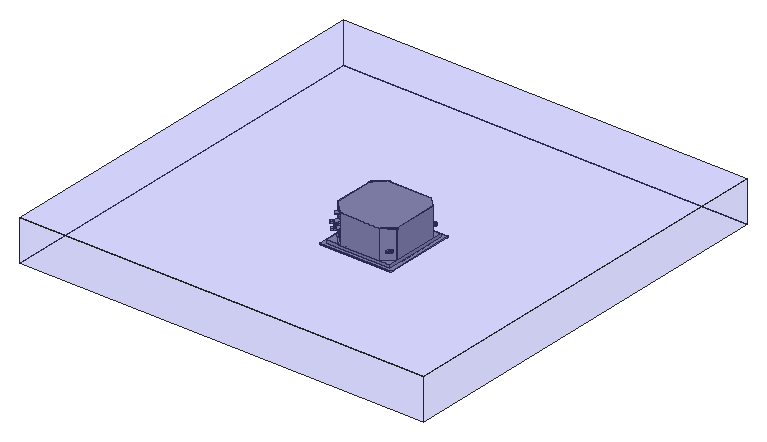
Revit family "SYSIMPLE FCC45A", category Оборудование, Revit 2019
Family settings
  Размер круглого соединителя = Использовать диаметр
  Тип детали = Нормальный
  На основе рабочей плоскости = Нет
  Всегда вертикально = Да
  При загрузке вырезать с полостями = Нет
  Общий = Нет
  Точка расчета площади = Нет
Parameters
  panel dimension(W) = "650x650x55"
  Water Flow Volume(m³/h) = "0.94"
  Top clearance(mm) = 50 mm
  Service Area [instance] = yes
  Right Side clearance(ODU side mm) [instance] = "/"
  Right Side clearance(wall side mm) [instance] = 1500 mm
  Refrigerant type = "/"
  Refrigerant Charged Volume(kg) = "/"
  Rear clearance(mm) = 1500 mm
  Protection grade = "/"
  Product series = "Cassette FCU"
  Power = "220-240V,50,1"
  Operation range cooling (°C） = "/"
  Operation range Heatling (°C） = "/"
  fan type = "AC"
  ODU fan ESP = "/"
  Noise Level(dB) = "≤45"
  NET Weight（body/panel） = "18/3"
  Model = "AFC-500CA/4BA"
  Max.Power input = "/"
  Max.Current input = "/"
  Manufacturer URL = "/"
  Manufacturer = "AUX"
  Left Side clearance(ODU side mm) = "/"
  Left Side clearance(wall side mm) [instance] = 1500 mm
  Installation hole spacing（W) = "/"
  Installation hole spacing（L) = "510.4*514.6*530.5*463"
  Heating power input = "/"
  Heating current = "/"
  Heating capacity = "6750/5940/5200"
  Gross Weight（body/panel） = "21/5"
  Front clearance(mm) = 1500 mm
  Fan motor quantity = "/"
  EER = "/"
  Inlet/Outlet /Drain  Water Pipe = "DN20"
  Design company = "/"
  Design Pressure(Mpa） = "1.6"
  Current of Circuit breaker = "/"
  Cooling current = "/"
  Cooling capacity = "4500/3600/3060"
  Cooling Power input = "/"
  Compressor type = "/"
  Compressor quantity = "/"
  Chassis height（mm) = "/"
  Capacity = "/"
  COP = "/"
  Body dimension(W) = "570×570×260"
  Air guide size(mm) = "/"
  Air flow(m³/h) = "850/730/600"
Reference planes
  plane 1 "中心(前/后)": y = 0
  plane 2: z = 0
  plane 3 "中心(左/右)": x = 0
  plane 4: z = 311.5
  plane 5: z = 261.5
  plane 6: z = -60
Forms (mm)
  Extrusion 1, solid, material "金属"
    sketch origin (0, 0, 0) x (1, 0, 0) y (0, 1, 0)
      loop
        line (-359.149, -138.318) -> (-358.088, -137.257) -> (-361.39, -133.964) -> (-361.39, 220.167) -> (-272.419, 309.137) -> (-273.48, 310.197) -> (-362.231, 221.447)
        arc (-362.231, 221.447) -> (-362.718, 220.717) -> (-362.89, 219.856) r 2.25
        line (-362.89, 219.856) -> (-362.89, -133.549)
        arc (-362.89, -133.549) -> (-362.699, -134.505) -> (-362.157, -135.316) r 2.5
        line (-362.157, -135.316) -> (-359.149, -138.318)
      loop
        line (-272.087, 310.552) -> (118.782, 310.552) -> (206.392, 222.349) -> (207.699, 223.53) -> (119.733, 311.496)
        arc (119.733, 311.496) -> (119.117, 311.908) -> (118.391, 312.052) r 1.897
        line (118.391, 312.052) -> (-272.087, 312.052) -> (-272.087, 310.552)
      loop
        line (207.973, -170.21) -> (118.469, -259.715) -> (-235.142, -259.715) -> (-235.142, -261.215) -> (118.054, -261.215)
        arc (118.054, -261.215) -> (119.011, -261.024) -> (119.822, -260.482) r 2.5
        line (119.822, -260.482) -> (201.978, -178.326) -> (208.814, -171.49)
        arc (208.814, -171.49) -> (209.302, -170.76) -> (209.473, -169.899) r 2.25
        line (209.473, -169.899) -> (209.473, 219.832) -> (207.973, 219.832) -> (207.973, -170.21)
    from 0 to 260
  Extrusion 2, solid, material "金属"
    sketch origin (0, 0, 0) x (1, 0, 0) y (0, 1, 0)
      loop
        line (-361.39, -133.964) -> (-235.346, -259.715) -> (118.469, -259.715) -> (207.973, -170.21) -> (207.973, 220.757) -> (118.782, 310.552) -> (-271.004, 310.552) -> (-361.39, 220.167) -> (-361.39, -133.964)
    from 0 to 260
  Extrusion 3, solid, material "金属"
    sketch origin (0, 0, 260) x (1, 0, 0) y (0, 1, 0)
      loop
        line (-271.004, 310.552) -> (-361.39, 220.167) -> (-361.39, -133.964) -> (-235.346, -259.715) -> (118.469, -259.715) -> (207.973, -170.21) -> (207.973, 220.757) -> (118.782, 310.552) -> (-271.004, 310.552)
    from 0 to 1.5
  Extrusion 4, solid, material "金属"
    sketch origin (0, 0, 0) x (1, 0, 0) y (0, 1, 0)
      loop
        line (-358.618, -138.849) -> (-242.092, -255.39) -> (-240.887, -254.187) -> (-357.557, -137.787) -> (-358.618, -138.849)
    from 1.5 to 260
  Sweep 5, solid, material "金属"
    path in 3D
      loop
        line (-242.092, -255.39, 1.5) -> (-358.618, -138.849, 1.5)
    profile origin (-300.355, -197.12, 1.5) x (0.707152, 0.707062, 0) y (0, 0, -1)
      loop
        line (-10.297, 0) -> (1.703, 0)
        arc (1.703, 0) -> (1.264, 1.061) -> (0.204, 1.5) r 1.499
        line (0.204, 1.5) -> (-10.297, 1.5) -> (-10.297, 0)
  Extrusion 6, solid, material "金属"
    sketch origin (-358.615, -138.852, 0) x (0.707062, -0.707152, 0) y (0, 0, 1)
      loop
        line (59.246, 29) -> (152.246, 29)
        arc (152.246, 29) -> (155.782, 30.464) -> (157.246, 34) r 5
        line (157.246, 34) -> (157.246, 111)
        arc (157.246, 111) -> (155.782, 114.536) -> (152.246, 116) r 5
        line (152.246, 116) -> (137.246, 116)
        arc (137.246, 116) -> (133.711, 114.536) -> (132.246, 111) r 5
        arc (132.246, 111) -> (119.746, 98.5) -> (107.246, 111) r 12.5
        line (107.246, 111) -> (107.246, 146)
        arc (107.246, 146) -> (105.782, 149.536) -> (102.246, 151) r 5
        line (102.246, 151) -> (99.246, 151)
        arc (99.246, 151) -> (95.711, 149.536) -> (94.246, 146) r 5
        arc (94.246, 146) -> (81.746, 133.5) -> (69.246, 146) r 12.5
        arc (69.246, 146) -> (67.782, 149.536) -> (64.246, 151) r 5
        arc (64.246, 151) -> (60.711, 149.536) -> (59.246, 146) r 5
        line (59.246, 146) -> (59.246, 29)
    from 0 to 3
  Extrusion 7, solid, material "黑色"
    sketch origin (-358.615, -138.852, 0) x (0.707062, -0.707152, 0) y (0, 0, 1)
      loop
        circle (81.746, 146) r 12.5
    from 0 to 30
  Extrusion 8, solid, material "黑色"
    sketch origin (-358.615, -138.852, 0) x (0.707062, -0.707152, 0) y (0, 0, 1)
      loop
        circle (119.746, 111) r 12.5
    from 0 to 23.5
  Extrusion 9, solid, material "金属"
    sketch origin (-375.233, -155.468, 0) x (0.707062, -0.707152, 0) y (0, 0, 1)
      loop
        line (129.746, 111) -> (124.746, 119.66) -> (114.746, 119.66) -> (109.746, 111) -> (114.746, 102.34) -> (124.746, 102.34) -> (129.746, 111)
    from 0 to 23.5
  Extrusion 10, solid, material "金属"
    sketch origin (-391.851, -172.084, 0) x (0.707062, -0.707152, 0) y (0, 0, 1)
      loop
        circle (119.746, 111) r 4.5
    from 0 to 3
  Extrusion 11, solid, material "金属"
    sketch origin (-393.972, -174.205, 0) x (0.707062, -0.707152, 0) y (0, 0, 1)
      loop
        line (119.746, 97) -> (131.87, 104) -> (131.87, 118) -> (119.746, 125) -> (107.622, 118) -> (107.622, 104) -> (119.746, 97)
    from 0 to 15
  Extrusion 12, solid, material "白色塑料"
    sketch origin (-358.615, -138.852, 0) x (0.707062, -0.707152, 0) y (0, 0, 1)
      loop
        circle (79.394, 216.095) r 27.5
    from 0 to 2
  Extrusion 13, solid, material "白色塑料"
    sketch origin (-360.029, -140.266, 0) x (0.707062, -0.707152, 0) y (0, 0, 1)
      loop
        circle (79.394, 216.095) r 13
      loop
        circle (79.394, 216.095) r 10.5
    from 0 to 30
  Extrusion 14, void
    sketch origin (-328.123, 255.554, 0) x (0.707107, 0.707107, 0) y (0, 0, 1)
      loop
        circle (-27.56, 19.536) r 10
    from 0 to 30
  Extrusion 15, solid, material "金属"
    sketch origin (-358.615, -138.852, 0) x (0.707062, -0.707152, 0) y (0, 0, 1)
      loop
        line (4.371, 63.5) -> (54.371, 63.5) -> (54.371, 84.5) -> (4.371, 84.5) -> (4.371, 63.5)
    from 0 to 1.5
  Extrusion 16, solid, material "金属"
    sketch origin (-360.385, -137.081, 84.5) x (0.707062, -0.707152, 0) y (0.707152, 0.707062, 0)
      loop
        line (6.875, -1.5) -> (6.876, -18.25)
        arc (6.876, -18.25) -> (10.538, -27.089) -> (19.377, -30.749) r 12.5
        line (19.377, -30.749) -> (25.377, -30.749) -> (25.376, -20.249)
        arc (25.376, -20.249) -> (25.083, -19.542) -> (24.376, -19.249) r 1
        line (24.376, -19.249) -> (19.876, -19.249)
        arc (19.876, -19.249) -> (13.876, -13.25) -> (19.875, -7.249) r 6
        line (19.875, -7.249) -> (43.875, -7.248)
        arc (43.875, -7.248) -> (49.876, -13.247) -> (43.876, -19.248) r 6
        line (43.876, -19.248) -> (39.376, -19.248)
        arc (39.376, -19.248) -> (38.669, -19.541) -> (38.376, -20.248) r 1
        line (38.376, -20.248) -> (38.377, -30.748) -> (44.377, -30.748)
        arc (44.377, -30.748) -> (53.215, -27.086) -> (56.876, -18.247) r 12.5
        line (56.876, -18.247) -> (56.875, -1.5) -> (6.875, -1.5)
    from 0 to 1.5
  Sweep 17, solid, material "金属"
    path in 3D
      loop
        line (-356.585, -143.004, 84.5) -> (-321.232, -178.361, 84.5)
    profile origin (-338.908, -160.682, 84.5) x (-0.707152, -0.707062, 0) y (0, 0, -1)
      loop
        line (0, 0) -> (-1.5, 0)
        arc (-1.5, 0) -> (-1.061, -1.061) -> (0, -1.5) r 1.5
        line (0, -1.5) -> (0, 0)
  Sweep 18, solid, material "金属"
    path in 3D
      loop
        line (-321.232, -178.361, 84.5) -> (-333.074, -190.203, 84.5)
        arc (-333.074, -190.203, 84.5) -> (-341.912, -193.864, 84.5) -> (-350.751, -190.203, 84.5) r 12.5
        line (-350.751, -190.203, 84.5) -> (-354.994, -185.96, 84.5)
    profile origin (-327.153, -184.282, 84.5) x (-0.707107, 0.707107, 0) y (0, 0, -1)
      loop
        line (0, 0) -> (0, 6) -> (-1.5, 6) -> (-1.5, 0)
        arc (-1.5, 0) -> (-1.061, -1.061) -> (0, -1.5) r 1.5
        line (0, -1.5) -> (0, 0)
  Sweep 19, solid, material "金属"
    path in 3D
      loop
        line (-364.186, -176.768, 84.5) -> (-368.429, -172.525, 84.5)
        arc (-368.429, -172.525, 84.5) -> (-372.09, -163.686, 84.5) -> (-368.429, -154.848, 84.5) r 12.5
        line (-368.429, -154.848, 84.5) -> (-356.585, -143.004, 84.5)
    profile origin (-362.507, -148.926, 84.5) x (0.707107, -0.707107, 0) y (0, 0, -1)
      loop
        line (0, 0) -> (0, 6) -> (-1.5, 6) -> (-1.5, 0)
        arc (-1.5, 0) -> (-1.061, -1.061) -> (0, -1.5) r 1.5
        line (0, -1.5) -> (0, 0)
  Sweep 20, solid, material "金属"
    path in 3D
      loop
        line (-356.585, -143.004, 78.5) -> (-356.585, -143.004, 63.5)
    profile origin (-356.585, -143.004, 71) x (-0.707152, -0.707062, 0) y (0.707062, -0.707152, 0)
      loop
        line (2, 0) -> (-1.5, 0) -> (-1.5, -1.5) -> (2, -1.5) -> (2, 0)
  Sweep 21, solid, material "金属"
    path in 3D
      loop
        line (-321.232, -178.361, 78.5) -> (-321.232, -178.361, 63.5)
    profile origin (-321.232, -178.361, 71) x (0.707062, -0.707152, 0) y (0.707152, 0.707062, 0)
      loop
        line (0, 1.5) -> (0, -2) -> (1.5, -2) -> (1.5, 1.5) -> (0, 1.5)
  Extrusion 22, solid, material "金属"
    sketch origin (143.512, -236.79, 0) x (0.707152, 0.707062, 0) y (0, 0, 1)
      loop
        line (4.371, 63.5) -> (54.371, 63.5) -> (54.371, 84.5) -> (4.371, 84.5) -> (4.371, 63.5)
    from 0 to 1.5
  Extrusion 23, solid, material "金属"
    sketch origin (141.741, -238.561, 84.5) x (0.707152, 0.707062, 0) y (-0.707062, 0.707152, 0)
      loop
        line (6.875, -1.5) -> (6.876, -18.25)
        arc (6.876, -18.25) -> (10.538, -27.089) -> (19.377, -30.749) r 12.5
        line (19.377, -30.749) -> (25.377, -30.749) -> (25.376, -20.249)
        arc (25.376, -20.249) -> (25.083, -19.542) -> (24.376, -19.249) r 1
        line (24.376, -19.249) -> (19.876, -19.249)
        arc (19.876, -19.249) -> (13.876, -13.25) -> (19.875, -7.249) r 6
        line (19.875, -7.249) -> (43.875, -7.248)
        arc (43.875, -7.248) -> (49.876, -13.247) -> (43.876, -19.248) r 6
        line (43.876, -19.248) -> (39.376, -19.248)
        arc (39.376, -19.248) -> (38.669, -19.541) -> (38.376, -20.248) r 1
        line (38.376, -20.248) -> (38.377, -30.748) -> (44.377, -30.748)
        arc (44.377, -30.748) -> (53.215, -27.086) -> (56.876, -18.247) r 12.5
        line (56.876, -18.247) -> (56.875, -1.5) -> (6.875, -1.5)
    from 0 to 1.5
  Sweep 24, solid, material "金属"
    path in 3D
      loop
        line (147.663, -234.76, 84.5) -> (183.021, -199.407, 84.5)
    profile origin (165.342, -217.084, 84.5) x (0.707062, -0.707152, 0) y (0, 0, -1)
      loop
        line (0, 0) -> (-1.5, 0)
        arc (-1.5, 0) -> (-1.061, -1.061) -> (0, -1.5) r 1.5
        line (0, -1.5) -> (0, 0)
  Sweep 25, solid, material "金属"
    path in 3D
      loop
        line (183.021, -199.407, 84.5) -> (194.863, -211.249, 84.5)
        arc (194.863, -211.249, 84.5) -> (198.524, -220.088, 84.5) -> (194.863, -228.927, 84.5) r 12.5
        line (194.863, -228.927, 84.5) -> (190.62, -233.169, 84.5)
    profile origin (188.942, -205.328, 84.5) x (-0.707107, -0.707107, 0) y (0, 0, -1)
      loop
        line (0, 0) -> (0, 6) -> (-1.5, 6) -> (-1.5, 0)
        arc (-1.5, 0) -> (-1.061, -1.061) -> (0, -1.5) r 1.5
        line (0, -1.5) -> (0, 0)
  Sweep 26, solid, material "金属"
    path in 3D
      loop
        line (181.428, -242.362, 84.5) -> (177.185, -246.604, 84.5)
        arc (177.185, -246.604, 84.5) -> (168.346, -250.266, 84.5) -> (159.508, -246.604, 84.5) r 12.5
        line (159.508, -246.604, 84.5) -> (147.663, -234.76, 84.5)
    profile origin (153.586, -240.682, 84.5) x (0.707107, 0.707107, 0) y (0, 0, -1)
      loop
        line (0, 0) -> (0, 6) -> (-1.5, 6) -> (-1.5, 0)
        arc (-1.5, 0) -> (-1.061, -1.061) -> (0, -1.5) r 1.5
        line (0, -1.5) -> (0, 0)
  Sweep 27, solid, material "金属"
    path in 3D
      loop
        line (147.663, -234.76, 78.5) -> (147.663, -234.76, 63.5)
    profile origin (147.663, -234.76, 71) x (-0.707152, -0.707062, 0) y (0.707062, -0.707152, 0)
      loop
        line (0, 2) -> (0, -1.5) -> (1.5, -1.5) -> (1.5, 2) -> (0, 2)
  Sweep 28, solid, material "金属"
    path in 3D
      loop
        line (183.021, -199.407, 78.5) -> (183.021, -199.407, 63.5)
    profile origin (183.021, -199.407, 71) x (0.707062, -0.707152, 0) y (0.707152, 0.707062, 0)
      loop
        line (-1.5, 0) -> (2, 0) -> (2, 1.5) -> (-1.5, 1.5) -> (-1.5, 0)
  Extrusion 29, solid, material "金属"
    sketch origin (185.243, 245.983, 0) x (-0.707062, 0.707152, 0) y (0, 0, 1)
      loop
        line (4.371, 63.5) -> (54.371, 63.5) -> (54.371, 84.5) -> (4.371, 84.5) -> (4.371, 63.5)
    from 0 to 1.5
  Extrusion 30, solid, material "金属"
    sketch origin (187.014, 244.212, 84.5) x (-0.707062, 0.707152, 0) y (-0.707152, -0.707062, 0)
      loop
        line (6.875, -1.5) -> (6.876, -18.25)
        arc (6.876, -18.25) -> (10.538, -27.089) -> (19.377, -30.749) r 12.5
        line (19.377, -30.749) -> (25.377, -30.749) -> (25.376, -20.249)
        arc (25.376, -20.249) -> (25.083, -19.542) -> (24.376, -19.249) r 1
        line (24.376, -19.249) -> (19.876, -19.249)
        arc (19.876, -19.249) -> (13.876, -13.25) -> (19.875, -7.249) r 6
        line (19.875, -7.249) -> (43.875, -7.248)
        arc (43.875, -7.248) -> (49.876, -13.247) -> (43.876, -19.248) r 6
        line (43.876, -19.248) -> (39.376, -19.248)
        arc (39.376, -19.248) -> (38.669, -19.541) -> (38.376, -20.248) r 1
        line (38.376, -20.248) -> (38.377, -30.748) -> (44.377, -30.748)
        arc (44.377, -30.748) -> (53.215, -27.086) -> (56.876, -18.247) r 12.5
        line (56.876, -18.247) -> (56.875, -1.5) -> (6.875, -1.5)
    from 0 to 1.5
  Sweep 31, solid, material "金属"
    path in 3D
      loop
        line (183.213, 250.134, 84.5) -> (147.86, 285.492, 84.5)
    profile origin (165.537, 267.813, 84.5) x (0.707152, 0.707062, 0) y (0, 0, -1)
      loop
        line (0, 0) -> (-1.5, 0)
        arc (-1.5, 0) -> (-1.061, -1.061) -> (0, -1.5) r 1.5
        line (0, -1.5) -> (0, 0)
  Sweep 32, solid, material "金属"
    path in 3D
      loop
        line (147.86, 285.492, 84.5) -> (159.702, 297.334, 84.5)
        arc (159.702, 297.334, 84.5) -> (168.541, 300.995, 84.5) -> (177.38, 297.334, 84.5) r 12.5
        line (177.38, 297.334, 84.5) -> (181.622, 293.091, 84.5)
    profile origin (153.781, 291.413, 84.5) x (0.707107, -0.707107, 0) y (0, 0, -1)
      loop
        line (0, 0) -> (0, 6) -> (-1.5, 6) -> (-1.5, 0)
        arc (-1.5, 0) -> (-1.061, -1.061) -> (0, -1.5) r 1.5
        line (0, -1.5) -> (0, 0)
  Sweep 33, solid, material "金属"
    path in 3D
      loop
        line (190.815, 283.899, 84.5) -> (195.057, 279.656, 84.5)
        arc (195.057, 279.656, 84.5) -> (198.719, 270.817, 84.5) -> (195.057, 261.979, 84.5) r 12.5
        line (195.057, 261.979, 84.5) -> (183.213, 250.134, 84.5)
    profile origin (189.135, 256.057, 84.5) x (-0.707107, 0.707107, 0) y (0, 0, -1)
      loop
        line (0, 0) -> (0, 6) -> (-1.5, 6) -> (-1.5, 0)
        arc (-1.5, 0) -> (-1.061, -1.061) -> (0, -1.5) r 1.5
        line (0, -1.5) -> (0, 0)
  Sweep 34, solid, material "金属"
    path in 3D
      loop
        line (183.213, 250.134, 78.5) -> (183.213, 250.134, 63.5)
    profile origin (183.213, 250.134, 71) x (-0.707152, -0.707062, 0) y (0.707062, -0.707152, 0)
      loop
        line (-2, 0) -> (1.5, 0) -> (1.5, 1.5) -> (-2, 1.5) -> (-2, 0)
  Sweep 35, solid, material "金属"
    path in 3D
      loop
        line (147.86, 285.492, 78.5) -> (147.86, 285.492, 63.5)
    profile origin (147.86, 285.492, 71) x (0.707062, -0.707152, 0) y (0.707152, 0.707062, 0)
      loop
        line (0, -1.5) -> (0, 2) -> (-1.5, 2) -> (-1.5, -1.5) -> (0, -1.5)
  Extrusion 36, solid, material "金属"
    sketch origin (-297.085, 286.589, 0) x (-0.707152, -0.707062, 0) y (0, 0, 1)
      loop
        line (4.371, 63.5) -> (54.371, 63.5) -> (54.371, 84.5) -> (4.371, 84.5) -> (4.371, 63.5)
    from 0 to 1.5
  Extrusion 37, solid, material "金属"
    sketch origin (-295.315, 288.36, 84.5) x (-0.707152, -0.707062, 0) y (0.707062, -0.707152, 0)
      loop
        line (6.875, -1.5) -> (6.876, -18.25)
        arc (6.876, -18.25) -> (10.538, -27.089) -> (19.377, -30.749) r 12.5
        line (19.377, -30.749) -> (25.377, -30.749) -> (25.376, -20.249)
        arc (25.376, -20.249) -> (25.083, -19.542) -> (24.376, -19.249) r 1
        line (24.376, -19.249) -> (19.876, -19.249)
        arc (19.876, -19.249) -> (13.876, -13.25) -> (19.875, -7.249) r 6
        line (19.875, -7.249) -> (43.875, -7.248)
        arc (43.875, -7.248) -> (49.876, -13.247) -> (43.876, -19.248) r 6
        line (43.876, -19.248) -> (39.376, -19.248)
        arc (39.376, -19.248) -> (38.669, -19.541) -> (38.376, -20.248) r 1
        line (38.376, -20.248) -> (38.377, -30.748) -> (44.377, -30.748)
        arc (44.377, -30.748) -> (53.215, -27.086) -> (56.876, -18.247) r 12.5
        line (56.876, -18.247) -> (56.875, -1.5) -> (6.875, -1.5)
    from 0 to 1.5
  Sweep 38, solid, material "金属"
    path in 3D
      loop
        line (-301.237, 284.559, 84.5) -> (-336.595, 249.206, 84.5)
    profile origin (-318.916, 266.883, 84.5) x (-0.707062, 0.707152, 0) y (0, 0, -1)
      loop
        line (0, 0) -> (-1.5, 0)
        arc (-1.5, 0) -> (-1.061, -1.061) -> (0, -1.5) r 1.5
        line (0, -1.5) -> (0, 0)
  Sweep 39, solid, material "金属"
    path in 3D
      loop
        line (-336.595, 249.206, 84.5) -> (-348.436, 261.048, 84.5)
        arc (-348.436, 261.048, 84.5) -> (-352.098, 269.887, 84.5) -> (-348.436, 278.726, 84.5) r 12.5
        line (-348.436, 278.726, 84.5) -> (-344.194, 282.968, 84.5)
    profile origin (-342.516, 255.127, 84.5) x (0.707107, 0.707107, 0) y (0, 0, -1)
      loop
        line (0, 0) -> (0, 6) -> (-1.5, 6) -> (-1.5, 0)
        arc (-1.5, 0) -> (-1.061, -1.061) -> (0, -1.5) r 1.5
        line (0, -1.5) -> (0, 0)
  Sweep 40, solid, material "金属"
    path in 3D
      loop
        line (-335.001, 292.161, 84.5) -> (-330.759, 296.403, 84.5)
        arc (-330.759, 296.403, 84.5) -> (-321.92, 300.065, 84.5) -> (-313.081, 296.403, 84.5) r 12.5
        line (-313.081, 296.403, 84.5) -> (-301.237, 284.559, 84.5)
    profile origin (-307.159, 290.481, 84.5) x (-0.707107, -0.707107, 0) y (0, 0, -1)
      loop
        line (0, 0) -> (0, 6) -> (-1.5, 6) -> (-1.5, 0)
        arc (-1.5, 0) -> (-1.061, -1.061) -> (0, -1.5) r 1.5
        line (0, -1.5) -> (0, 0)
  Sweep 41, solid, material "金属"
    path in 3D
      loop
        line (-301.237, 284.559, 78.5) -> (-301.237, 284.559, 63.5)
    profile origin (-301.237, 284.559, 71) x (-0.707152, -0.707062, 0) y (0.707062, -0.707152, 0)
      loop
        line (0, -2) -> (0, 1.5) -> (-1.5, 1.5) -> (-1.5, -2) -> (0, -2)
  Sweep 42, solid, material "金属"
    path in 3D
      loop
        line (-336.595, 249.206, 78.5) -> (-336.595, 249.206, 63.5)
    profile origin (-336.595, 249.206, 71) x (0.707062, -0.707152, 0) y (0.707152, 0.707062, 0)
      loop
        line (1.5, 0) -> (-2, 0) -> (-2, -1.5) -> (1.5, -1.5) -> (1.5, 0)
  Extrusion 43, solid, material "白色塑料"
    sketch origin (-51.289, 102.127, 0) x (0, 1, 0) y (-1, 0, 0)
      loop
        line (209.473, 312.052) -> (-362.89, 312.052) -> (-362.89, -261.215) -> (209.473, -261.215) -> (209.473, 312.052)
    from 0 to -28.5
  SweptBlend 44, solid, material "白色塑料"
    path origin (-76.708, -299.581, -28.5) x (0, 1, 0) y (0, 0, 1)
      loop
        line (325, 0) -> (325, -26.5)
    profile origin (-76.708, 25.419, -28.5) x (1, 0, 0) y (0, 1, 0)
      loop
        arc (-310, 325) -> (-320.607, 320.607) -> (-325, 310) r 15
        line (-325, 310) -> (-325, -310)
        arc (-325, -310) -> (-320.607, -320.607) -> (-310, -325) r 15
        line (-310, -325) -> (310, -325)
        arc (310, -325) -> (320.607, -320.607) -> (325, -310) r 15
        line (325, -310) -> (325, 310)
        arc (325, 310) -> (320.607, 320.607) -> (310, 325) r 15
        line (310, 325) -> (-310, 325)
    end profile origin (-76.708, 25.419, -55) x (1, 0, 0) y (0, 1, 0)
      loop
        line (-197, -209.192) -> (196.992, -209.192)
        arc (196.992, -209.192) -> (205.618, -205.618) -> (209.192, -196.992) r 12.2
        line (209.192, -196.992) -> (209.192, 196.986)
        arc (209.192, 196.986) -> (205.618, 205.613) -> (196.992, 209.186) r 12.2
        line (196.992, 209.186) -> (-197.005, 209.186)
        arc (-197.005, 209.186) -> (-205.622, 205.617) -> (-209.192, 197) r 12.186
        line (-209.192, 197) -> (-209.192, -197)
        arc (-209.192, -197) -> (-205.621, -205.621) -> (-197, -209.192) r 12.192
  Extrusion 45, solid, material "白色塑料"
    sketch origin (-51.289, 102.127, -28.5) x (-1, 0, 0) y (0, 1, 0)
      loop
        arc (335.419, -401.708) -> (346.025, -397.315) -> (350.419, -386.708) r 15
        line (350.419, -386.708) -> (350.419, 233.292)
        arc (350.419, 233.292) -> (346.025, 243.899) -> (335.419, 248.292) r 15
        line (335.419, 248.292) -> (-284.581, 248.292)
        arc (-284.581, 248.292) -> (-295.188, 243.899) -> (-299.581, 233.292) r 15
        line (-299.581, 233.292) -> (-299.581, -386.708)
        arc (-299.581, -386.708) -> (-295.188, -397.315) -> (-284.581, -401.708) r 15
        line (-284.581, -401.708) -> (335.419, -401.708)
    from 0 to -3
  Sweep 46, solid, material "白色塑料"
    path in 3D
      loop
        arc (-273.713, 234.605, -55) -> (-282.33, 231.036, -55) -> (-285.9, 222.419, -55) r 12.186
        line (-285.9, 222.419, -55) -> (-285.9, -171.581, -55)
        arc (-285.9, -171.581, -55) -> (-282.329, -180.202, -55) -> (-273.708, -183.773, -55) r 12.192
        line (-273.708, -183.773, -55) -> (120.284, -183.773, -55)
        arc (120.284, -183.773, -55) -> (128.91, -180.2, -55) -> (132.484, -171.573, -55) r 12.2
        line (132.484, -171.573, -55) -> (132.484, 222.405, -55)
        arc (132.484, 222.405, -55) -> (128.91, 231.032, -55) -> (120.284, 234.605, -55) r 12.2
        line (120.284, 234.605, -55) -> (-273.713, 234.605, -55)
    profile origin (-76.715, 234.605, -55) x (0, 1, 0) y (0, 0, -1)
      loop
        arc (0, 0) -> (-4.644, 3.213) -> (-10, 5) r 20
        line (-10, 5) -> (-10, 0) -> (0, 0)
  Extrusion 47, solid, material "白色塑料"
    sketch origin (120.284, 234.605, -55) x (-1, 0, 0) y (0, -1, 0)
      loop
        arc (-2.2, 12.2) -> (-1.556, 10.644) -> (0, 10) r 2.2
        line (0, 10) -> (393.997, 10)
        arc (393.997, 10) -> (395.543, 10.64) -> (396.183, 12.186) r 2.186
        line (396.183, 12.186) -> (396.183, 406.186)
        arc (396.183, 406.186) -> (395.541, 407.736) -> (393.992, 408.378) r 2.192
        line (393.992, 408.378) -> (0, 408.378)
        arc (0, 408.378) -> (-1.556, 407.734) -> (-2.2, 406.178) r 2.2
        line (-2.2, 406.178) -> (-2.2, 12.2)
    from 0 to -5
  Extrusion 48, void
    sketch origin (120.284, 234.605, -55) x (0, -1, 0) y (-1, 0, 0)
      loop
        line (374.186, 364.992) -> (44.186, 364.992)
        arc (44.186, 364.992) -> (40.186, 360.992) -> (44.186, 356.992) r 4
        line (44.186, 356.992) -> (374.186, 356.992)
        arc (374.186, 356.992) -> (378.186, 360.992) -> (374.186, 364.992) r 4
      loop
        line (374.186, 354.992) -> (44.186, 354.992)
        arc (44.186, 354.992) -> (40.186, 350.992) -> (44.186, 346.992) r 4
        line (44.186, 346.992) -> (374.186, 346.992)
        arc (374.186, 346.992) -> (378.186, 350.992) -> (374.186, 354.992) r 4
      loop
        arc (44.186, 344.992) -> (40.186, 340.992) -> (44.186, 336.992) r 4
        line (44.186, 336.992) -> (374.186, 336.992)
        arc (374.186, 336.992) -> (378.186, 340.992) -> (374.186, 344.992) r 4
        line (374.186, 344.992) -> (44.186, 344.992)
      loop
        arc (44.186, 334.992) -> (40.186, 330.992) -> (44.186, 326.992) r 4
        line (44.186, 326.992) -> (374.186, 326.992)
        arc (374.186, 326.992) -> (378.186, 330.992) -> (374.186, 334.992) r 4
        line (374.186, 334.992) -> (44.186, 334.992)
      loop
        arc (44.186, 324.992) -> (40.186, 320.992) -> (44.186, 316.992) r 4
        line (44.186, 316.992) -> (374.186, 316.992)
        arc (374.186, 316.992) -> (378.186, 320.992) -> (374.186, 324.992) r 4
        line (374.186, 324.992) -> (44.186, 324.992)
      loop
        arc (44.186, 314.992) -> (40.186, 310.992) -> (44.186, 306.992) r 4
        line (44.186, 306.992) -> (374.186, 306.992)
        arc (374.186, 306.992) -> (378.186, 310.992) -> (374.186, 314.992) r 4
        line (374.186, 314.992) -> (44.186, 314.992)
      loop
        arc (44.186, 304.992) -> (40.186, 300.992) -> (44.186, 296.992) r 4
        line (44.186, 296.992) -> (374.186, 296.992)
        arc (374.186, 296.992) -> (378.186, 300.992) -> (374.186, 304.992) r 4
        line (374.186, 304.992) -> (44.186, 304.992)
      loop
        arc (44.186, 294.992) -> (40.186, 290.992) -> (44.186, 286.992) r 4
        line (44.186, 286.992) -> (374.186, 286.992)
        arc (374.186, 286.992) -> (378.186, 290.992) -> (374.186, 294.992) r 4
        line (374.186, 294.992) -> (44.186, 294.992)
      loop
        arc (44.186, 284.992) -> (40.186, 280.992) -> (44.186, 276.992) r 4
        line (44.186, 276.992) -> (374.186, 276.992)
        arc (374.186, 276.992) -> (378.186, 280.992) -> (374.186, 284.992) r 4
        line (374.186, 284.992) -> (44.186, 284.992)
      loop
        arc (44.186, 274.992) -> (40.186, 270.992) -> (44.186, 266.992) r 4
        line (44.186, 266.992) -> (374.186, 266.992)
        arc (374.186, 266.992) -> (378.186, 270.992) -> (374.186, 274.992) r 4
        line (374.186, 274.992) -> (44.186, 274.992)
      loop
        arc (44.186, 264.992) -> (40.186, 260.992) -> (44.186, 256.992) r 4
        line (44.186, 256.992) -> (374.186, 256.992)
        arc (374.186, 256.992) -> (378.186, 260.992) -> (374.186, 264.992) r 4
        line (374.186, 264.992) -> (44.186, 264.992)
      loop
        arc (44.186, 254.992) -> (40.186, 250.992) -> (44.186, 246.992) r 4
        line (44.186, 246.992) -> (374.186, 246.992)
        arc (374.186, 246.992) -> (378.186, 250.992) -> (374.186, 254.992) r 4
        line (374.186, 254.992) -> (44.186, 254.992)
      loop
        arc (44.186, 244.992) -> (40.186, 240.992) -> (44.186, 236.992) r 4
        line (44.186, 236.992) -> (374.186, 236.992)
        arc (374.186, 236.992) -> (378.186, 240.992) -> (374.186, 244.992) r 4
        line (374.186, 244.992) -> (44.186, 244.992)
      loop
        arc (44.186, 234.992) -> (40.186, 230.992) -> (44.186, 226.992) r 4
        line (44.186, 226.992) -> (374.186, 226.992)
        arc (374.186, 226.992) -> (378.186, 230.992) -> (374.186, 234.992) r 4
        line (374.186, 234.992) -> (44.186, 234.992)
      loop
        arc (44.186, 224.992) -> (40.186, 220.992) -> (44.186, 216.992) r 4
        line (44.186, 216.992) -> (374.186, 216.992)
        arc (374.186, 216.992) -> (378.186, 220.992) -> (374.186, 224.992) r 4
        line (374.186, 224.992) -> (44.186, 224.992)
      loop
        arc (44.186, 214.992) -> (40.186, 210.992) -> (44.186, 206.992) r 4
        line (44.186, 206.992) -> (374.186, 206.992)
        arc (374.186, 206.992) -> (378.186, 210.992) -> (374.186, 214.992) r 4
        line (374.186, 214.992) -> (44.186, 214.992)
      loop
        arc (44.186, 204.992) -> (40.186, 200.992) -> (44.186, 196.992) r 4
        line (44.186, 196.992) -> (374.186, 196.992)
        arc (374.186, 196.992) -> (378.186, 200.992) -> (374.186, 204.992) r 4
        line (374.186, 204.992) -> (44.186, 204.992)
      loop
        arc (44.186, 194.992) -> (40.186, 190.992) -> (44.186, 186.992) r 4
        line (44.186, 186.992) -> (374.186, 186.992)
        arc (374.186, 186.992) -> (378.186, 190.992) -> (374.186, 194.992) r 4
        line (374.186, 194.992) -> (44.186, 194.992)
      loop
        arc (44.186, 184.992) -> (40.186, 180.992) -> (44.186, 176.992) r 4
        line (44.186, 176.992) -> (374.186, 176.992)
        arc (374.186, 176.992) -> (378.186, 180.992) -> (374.186, 184.992) r 4
        line (374.186, 184.992) -> (44.186, 184.992)
      loop
        arc (44.186, 174.992) -> (40.186, 170.992) -> (44.186, 166.992) r 4
        line (44.186, 166.992) -> (374.186, 166.992)
        arc (374.186, 166.992) -> (378.186, 170.992) -> (374.186, 174.992) r 4
        line (374.186, 174.992) -> (44.186, 174.992)
      loop
        arc (44.186, 164.992) -> (40.186, 160.992) -> (44.186, 156.992) r 4
        line (44.186, 156.992) -> (374.186, 156.992)
        arc (374.186, 156.992) -> (378.186, 160.992) -> (374.186, 164.992) r 4
        line (374.186, 164.992) -> (44.186, 164.992)
      loop
        arc (44.186, 154.992) -> (40.186, 150.992) -> (44.186, 146.992) r 4
        line (44.186, 146.992) -> (374.186, 146.992)
        arc (374.186, 146.992) -> (378.186, 150.992) -> (374.186, 154.992) r 4
        line (374.186, 154.992) -> (44.186, 154.992)
      loop
        arc (44.186, 144.992) -> (40.186, 140.992) -> (44.186, 136.992) r 4
        line (44.186, 136.992) -> (374.186, 136.992)
        arc (374.186, 136.992) -> (378.186, 140.992) -> (374.186, 144.992) r 4
        line (374.186, 144.992) -> (44.186, 144.992)
      loop
        arc (44.186, 134.992) -> (40.186, 130.992) -> (44.186, 126.992) r 4
        line (44.186, 126.992) -> (374.186, 126.992)
        arc (374.186, 126.992) -> (378.186, 130.992) -> (374.186, 134.992) r 4
        line (374.186, 134.992) -> (44.186, 134.992)
      loop
        arc (44.186, 124.992) -> (40.186, 120.992) -> (44.186, 116.992) r 4
        line (44.186, 116.992) -> (374.186, 116.992)
        arc (374.186, 116.992) -> (378.186, 120.992) -> (374.186, 124.992) r 4
        line (374.186, 124.992) -> (44.186, 124.992)
      loop
        arc (44.186, 114.992) -> (40.186, 110.992) -> (44.186, 106.992) r 4
        line (44.186, 106.992) -> (374.186, 106.992)
        arc (374.186, 106.992) -> (378.186, 110.992) -> (374.186, 114.992) r 4
        line (374.186, 114.992) -> (44.186, 114.992)
      loop
        arc (44.186, 104.992) -> (40.186, 100.992) -> (44.186, 96.992) r 4
        line (44.186, 96.992) -> (374.186, 96.992)
        arc (374.186, 96.992) -> (378.186, 100.992) -> (374.186, 104.992) r 4
        line (374.186, 104.992) -> (44.186, 104.992)
      loop
        arc (44.186, 94.992) -> (40.186, 90.992) -> (44.186, 86.992) r 4
        line (44.186, 86.992) -> (374.186, 86.992)
        arc (374.186, 86.992) -> (378.186, 90.992) -> (374.186, 94.992) r 4
        line (374.186, 94.992) -> (44.186, 94.992)
      loop
        arc (44.186, 84.992) -> (40.186, 80.992) -> (44.186, 76.992) r 4
        line (44.186, 76.992) -> (374.186, 76.992)
        arc (374.186, 76.992) -> (378.186, 80.992) -> (374.186, 84.992) r 4
        line (374.186, 84.992) -> (44.186, 84.992)
      loop
        arc (44.186, 74.992) -> (40.186, 70.992) -> (44.186, 66.992) r 4
        line (44.186, 66.992) -> (374.186, 66.992)
        arc (374.186, 66.992) -> (378.186, 70.992) -> (374.186, 74.992) r 4
        line (374.186, 74.992) -> (44.186, 74.992)
      loop
        arc (44.186, 64.992) -> (40.186, 60.992) -> (44.186, 56.992) r 4
        line (44.186, 56.992) -> (374.186, 56.992)
        arc (374.186, 56.992) -> (378.186, 60.992) -> (374.186, 64.992) r 4
        line (374.186, 64.992) -> (44.186, 64.992)
      loop
        arc (44.186, 54.992) -> (40.186, 50.992) -> (44.186, 46.992) r 4
        line (44.186, 46.992) -> (374.186, 46.992)
        arc (374.186, 46.992) -> (378.186, 50.992) -> (374.186, 54.992) r 4
        line (374.186, 54.992) -> (44.186, 54.992)
      loop
        arc (44.186, 44.992) -> (40.186, 40.992) -> (44.186, 36.992) r 4
        line (44.186, 36.992) -> (374.186, 36.992)
        arc (374.186, 36.992) -> (378.186, 40.992) -> (374.186, 44.992) r 4
        line (374.186, 44.992) -> (44.186, 44.992)
      loop
        arc (104.186, 3.692) -> (104.772, 2.277) -> (106.186, 1.692) r 2
        line (106.186, 1.692) -> (312.186, 1.692)
        arc (312.186, 1.692) -> (313.601, 2.277) -> (314.186, 3.692) r 2
        line (314.186, 3.692) -> (314.186, 32.292)
        arc (314.186, 32.292) -> (313.601, 33.706) -> (312.186, 34.292) r 2
        line (312.186, 34.292) -> (106.186, 34.292)
        arc (106.186, 34.292) -> (104.772, 33.706) -> (104.186, 32.292) r 2
        line (104.186, 32.292) -> (104.186, 3.692)
      loop
        arc (86.586, 376.792) -> (87.114, 375.519) -> (88.386, 374.992) r 1.8
        line (88.386, 374.992) -> (107.386, 374.992)
        arc (107.386, 374.992) -> (108.659, 375.519) -> (109.186, 376.792) r 1.8
        line (109.186, 376.792) -> (109.186, 389.792)
        arc (109.186, 389.792) -> (108.659, 391.064) -> (107.386, 391.592) r 1.8
        line (107.386, 391.592) -> (88.386, 391.592)
        arc (88.386, 391.592) -> (87.114, 391.064) -> (86.586, 389.792) r 1.8
        line (86.586, 389.792) -> (86.586, 376.792)
      loop
        arc (309.186, 376.792) -> (309.714, 375.519) -> (310.986, 374.992) r 1.8
        line (310.986, 374.992) -> (329.986, 374.992)
        arc (329.986, 374.992) -> (331.259, 375.519) -> (331.786, 376.792) r 1.8
        line (331.786, 376.792) -> (331.786, 389.792)
        arc (331.786, 389.792) -> (331.259, 391.064) -> (329.986, 391.592) r 1.8
        line (329.986, 391.592) -> (310.986, 391.592)
        arc (310.986, 391.592) -> (309.714, 391.064) -> (309.186, 389.792) r 1.8
        line (309.186, 389.792) -> (309.186, 376.792)
    from 5 to -55
  Extrusion 49, void
    sketch origin (-76.708, 350.419, -28.5) x (-1, 0, 0) y (0, -0.974807, -0.223051)
      loop
        line (-175, 41) -> (175, 41) -> (175, 73)
        arc (175, 73) -> (172.309, 80.381) -> (165.5, 84.3) r 11.471
        line (165.5, 84.3) -> (-165.5, 84.3)
        arc (-165.5, 84.3) -> (-172.309, 80.381) -> (-175, 73) r 11.471
        line (-175, 73) -> (-175, 41)
    from 0 to 20
  Extrusion 50, void
    sketch origin (-401.708, 25.419, -28.5) x (0, -1, 0) y (0.974805, 0, -0.223061)
      loop
        line (-175, 42) -> (175, 42) -> (175, 74)
        arc (175, 74) -> (172.309, 81.381) -> (165.5, 85.3) r 11.471
        line (165.5, 85.3) -> (-165.5, 85.3)
        arc (-165.5, 85.3) -> (-172.881, 81.862) -> (-175, 74) r 9.643
        line (-175, 74) -> (-175, 42)
    from 0 to 20
  Extrusion 51, void
    sketch origin (-76.708, -299.581, -28.5) x (1, 0, 0) y (0, 0.974805, -0.223061)
      loop
        line (-175, 42) -> (175, 42) -> (175, 74)
        arc (175, 74) -> (172.309, 81.381) -> (165.5, 85.3) r 11.471
        line (165.5, 85.3) -> (-165.5, 85.3)
        arc (-165.5, 85.3) -> (-172.881, 81.862) -> (-175, 74) r 9.643
        line (-175, 74) -> (-175, 42)
    from 0 to 20
  Extrusion 52, void
    sketch origin (248.292, 25.419, -28.5) x (0, 1, 0) y (-0.974805, 0, -0.223061)
      loop
        line (-175, 42) -> (175, 42) -> (175, 74)
        arc (175, 74) -> (172.881, 81.862) -> (165.5, 85.3) r 9.643
        line (165.5, 85.3) -> (-165.5, 85.3)
        arc (-165.5, 85.3) -> (-172.881, 81.862) -> (-175, 74) r 9.643
        line (-175, 74) -> (-175, 42)
    from 0 to 20
  Sweep 53, solid, material "白色塑料"
    path in 3D
      loop
        line (91.292, 310.452, -37.645) -> (-244.708, 310.452, -37.645)
    profile origin (-76.708, 310.452, -37.645) x (0, 0.974807, 0.223051) y (0, 0.223051, -0.974807)
      loop
        line (-31.595, 0) -> (-31.595, -2) -> (-1.995, -2) -> (-1.995, 0)
        spline (-1.995, 0) -> (-2.5, 0.518) -> (-3.978, 1.002) -> (-6.33, 1.416) -> (-9.395, 1.735) -> (-12.965, 1.935) -> (-16.795, 2.003) -> (-20.626, 1.935) -> (-24.195, 1.735) -> (-27.261, 1.416) -> (-29.613, 1.002) -> (-31.091, 0.518) -> (-31.595, 0)
  Sweep 54, solid, material "白色塑料"
    path in 3D
      loop
        line (207.35, -142.581, -37.869) -> (207.35, 193.419, -37.869)
    profile origin (207.35, 25.419, -37.869) x (0.974805, 0, 0.223061) y (0.223061, 0, -0.974805)
      loop
        line (-31.6, 0) -> (-31.6, -2) -> (-2, -2) -> (-2, 0)
        spline (-2, 0) -> (-2.504, 0.518) -> (-3.983, 1) -> (-6.335, 1.414) -> (-9.4, 1.732) -> (-12.969, 1.932) -> (-16.8, 2) -> (-20.631, 1.932) -> (-24.2, 1.732) -> (-27.265, 1.414) -> (-29.617, 1) -> (-31.096, 0.518) -> (-31.6, 0)
  Sweep 55, solid, material "白色塑料"
    path in 3D
      loop
        line (-244.708, -258.64, -37.869) -> (91.292, -258.64, -37.869)
    profile origin (-76.708, -258.64, -37.869) x (0, -0.974805, 0.223061) y (0, -0.223061, -0.974805)
      loop
        spline (-2, 0) -> (-2.504, 0.518) -> (-3.983, 1) -> (-6.335, 1.414) -> (-9.4, 1.732) -> (-12.969, 1.932) -> (-16.8, 2) -> (-20.631, 1.932) -> (-24.2, 1.732) -> (-27.265, 1.414) -> (-29.617, 1) -> (-31.096, 0.518) -> (-31.6, 0)
        line (-31.6, 0) -> (-31.6, -2) -> (-2, -2) -> (-2, 0)
  Sweep 56, solid, material "白色塑料"
    path in 3D
      loop
        line (-360.766, 193.419, -37.869) -> (-360.766, -142.581, -37.869)
    profile origin (-360.766, 25.419, -37.869) x (-0.974805, 0, 0.223061) y (-0.223061, 0, -0.974805)
      loop
        line (-31.6, 0) -> (-31.6, -2) -> (-2, -2) -> (-2, 0)
        spline (-2, 0) -> (-2.504, 0.518) -> (-3.983, 1) -> (-6.335, 1.414) -> (-9.4, 1.732) -> (-12.969, 1.932) -> (-16.8, 2) -> (-20.631, 1.932) -> (-24.2, 1.732) -> (-27.265, 1.414) -> (-29.617, 1) -> (-31.096, 0.518) -> (-31.6, 0)
  Extrusion 57, solid, material "商标", not visible
    sketch origin (0.191, 70.004, 0) x (-1, 0, 0) y (0, 1, 0)
      loop
        line (-9, -62.699) -> (-13.565, -62.699) -> (-17.949, -67.568) -> (-22.818, -62.699) -> (-27, -62.699) -> (-19.93, -69.769) -> (-27, -77.621) -> (-21.557, -77.621) -> (-17.066, -72.633) -> (-12.079, -77.621) -> (-7.896, -77.621) -> (-15.085, -70.432) -> (-9.872, -64.642)
        arc (-9.872, -64.642) -> (-9.321, -64.51) -> (-9, -64.977) r 0.5
        line (-9, -64.977) -> (-9, -74.064)
        arc (-9, -74.064) -> (-7.068, -76.641) -> (-4, -77.621) r 5.293
        line (-4, -77.621) -> (4, -77.621)
        arc (4, -77.621) -> (7.068, -76.641) -> (9, -74.064) r 5.293
        line (9, -74.064) -> (9, -62.699) -> (4, -62.699) -> (4, -74.064)
        spline (4, -74.064) -> (3.864, -74.512) -> (3.464, -74.929) -> (2.828, -75.287) -> (2, -75.562) -> (1.035, -75.735) -> (0, -75.794) -> (-1.035, -75.735) -> (-2, -75.562) -> (-2.828, -75.287) -> (-3.464, -74.929) -> (-3.864, -74.512) -> (-4, -74.064)
        line (-4, -74.064) -> (-4, -63.699)
        arc (-4, -63.699) -> (-4.293, -62.992) -> (-5, -62.699) r 1
        line (-5, -62.699) -> (-9, -62.699)
      loop
        line (29.938, -77.621) -> (22.004, -62.699) -> (15.689, -62.699) -> (8.086, -77.621) -> (13.196, -77.621) -> (15.008, -74.064) -> (24.496, -74.064) -> (26.387, -77.621) -> (29.938, -77.621)
      loop
        line (19.651, -64.952) -> (15.95, -72.215) -> (23.513, -72.215) -> (19.651, -64.952)
    from 0 to 1
  Sweep 58, solid
    path origin (120.284, 234.605, -55) x (-1, 0, 0) y (0, -1, 0)
      loop
        line (395.742, 424.455) -> (408.085, 436.798)
    profile origin (-281.63, -196.021, -55) x (0.707107, -0.707107, 0) y (0, 0, 1)
      loop
        circle (6.905, 125.366) r 2
      loop
        circle (6.905, 108.817) r 2
  Extrusion 59, solid, material "金属"
    sketch origin (-402.101, -128.596, 35) x (0.707062, -0.707152, 0) y (0, 0, 1)
      loop
        line (129.746, 111) -> (124.746, 119.66) -> (114.746, 119.66) -> (109.746, 111) -> (114.746, 102.34) -> (124.746, 102.34) -> (129.746, 111)
    from 0 to 23.5
  Extrusion 60, solid, material "金属"
    sketch origin (-418.719, -145.212, 35) x (0.707062, -0.707152, 0) y (0, 0, 1)
      loop
        circle (119.746, 111) r 4.5
    from 0 to 3
  Extrusion 61, solid, material "金属"
    sketch origin (-420.841, -147.333, 35) x (0.707062, -0.707152, 0) y (0, 0, 1)
      loop
        line (119.746, 97) -> (131.87, 104) -> (131.87, 118) -> (119.746, 125) -> (107.622, 118) -> (107.622, 104) -> (119.746, 97)
    from 0 to 15
Cuts and joins
  Extrusion 14 cuts Extrusion 1
  Extrusion 14 cuts Extrusion 2
  joined: Extrusion 15, Extrusion 16, Sweep 17
  Extrusion 48, Extrusion 49, Extrusion 50, Extrusion 51, Extrusion 52 cuts SweptBlend 44
  Extrusion 48 cuts Extrusion 47
  Extrusion 49, Extrusion 50, Extrusion 51, Extrusion 52 cuts Extrusion 43
  Extrusion 49, Extrusion 50, Extrusion 51, Extrusion 52 cuts Extrusion 45
Lines and regions (mm)
  sketch lines
    curve 1: line (-242.092, -255.39, 1.5) -> (-358.618, -138.849, 1.5)
    curve 2: line (-356.585, -143.004, 84.5) -> (-321.232, -178.361, 84.5)
    curve 3: line (-321.232, -178.361, 84.5) -> (-333.074, -190.203, 84.5)
    curve 4: arc (-350.751, -190.203, 84.5) -> (-341.912, -193.864, 84.5) -> (-333.074, -190.203, 84.5) r 12.5
    curve 5: line (-350.751, -190.203, 84.5) -> (-354.994, -185.96, 84.5)
    curve 6: line (-368.429, -154.848, 84.5) -> (-356.585, -143.004, 84.5)
    curve 7: arc (-368.429, -154.848, 84.5) -> (-372.09, -163.686, 84.5) -> (-368.429, -172.525, 84.5) r 12.5
    curve 8: line (-364.186, -176.768, 84.5) -> (-368.429, -172.525, 84.5)
    curve 9: line (-356.585, -143.004, 78.5) -> (-356.585, -143.004, 63.5)
    curve 10: line (-321.232, -178.361, 78.5) -> (-321.232, -178.361, 63.5)
    curve 11: line (147.663, -234.76, 84.5) -> (183.021, -199.407, 84.5)
    curve 12: line (183.021, -199.407, 84.5) -> (194.863, -211.249, 84.5)
    curve 13: arc (194.863, -228.927, 84.5) -> (198.524, -220.088, 84.5) -> (194.863, -211.249, 84.5) r 12.5
    curve 14: line (194.863, -228.927, 84.5) -> (190.62, -233.169, 84.5)
    curve 15: line (159.508, -246.604, 84.5) -> (147.663, -234.76, 84.5)
    curve 16: arc (159.508, -246.604, 84.5) -> (168.346, -250.266, 84.5) -> (177.185, -246.604, 84.5) r 12.5
    curve 17: line (181.428, -242.362, 84.5) -> (177.185, -246.604, 84.5)
    curve 18: line (147.663, -234.76, 78.5) -> (147.663, -234.76, 63.5)
    curve 19: line (183.021, -199.407, 78.5) -> (183.021, -199.407, 63.5)
    curve 20: line (183.213, 250.134, 84.5) -> (147.86, 285.492, 84.5)
    curve 21: line (147.86, 285.492, 84.5) -> (159.702, 297.334, 84.5)
    curve 22: arc (177.38, 297.334, 84.5) -> (168.541, 300.995, 84.5) -> (159.702, 297.334, 84.5) r 12.5
    curve 23: line (177.38, 297.334, 84.5) -> (181.622, 293.091, 84.5)
    curve 24: line (195.057, 261.979, 84.5) -> (183.213, 250.134, 84.5)
    curve 25: arc (195.057, 261.979, 84.5) -> (198.719, 270.817, 84.5) -> (195.057, 279.656, 84.5) r 12.5
    curve 26: line (190.815, 283.899, 84.5) -> (195.057, 279.656, 84.5)
    curve 27: line (183.213, 250.134, 78.5) -> (183.213, 250.134, 63.5)
    curve 28: line (147.86, 285.492, 78.5) -> (147.86, 285.492, 63.5)
    curve 29: line (-301.237, 284.559, 84.5) -> (-336.595, 249.206, 84.5)
    curve 30: line (-336.595, 249.206, 84.5) -> (-348.436, 261.048, 84.5)
    curve 31: arc (-348.436, 278.726, 84.5) -> (-352.098, 269.887, 84.5) -> (-348.436, 261.048, 84.5) r 12.5
    curve 32: line (-348.436, 278.726, 84.5) -> (-344.194, 282.968, 84.5)
    curve 33: line (-313.081, 296.403, 84.5) -> (-301.237, 284.559, 84.5)
    curve 34: arc (-313.081, 296.403, 84.5) -> (-321.92, 300.065, 84.5) -> (-330.759, 296.403, 84.5) r 12.5
    curve 35: line (-335.001, 292.161, 84.5) -> (-330.759, 296.403, 84.5)
    curve 36: line (-301.237, 284.559, 78.5) -> (-301.237, 284.559, 63.5)
    curve 37: line (-336.595, 249.206, 78.5) -> (-336.595, 249.206, 63.5)
    curve 38: line (120.284, 234.605, -55) -> (-273.713, 234.605, -55)
    curve 39: arc (132.484, 222.405, -55) -> (128.91, 231.032, -55) -> (120.284, 234.605, -55) r 12.2
    curve 40: line (132.484, -171.573, -55) -> (132.484, 222.405, -55)
    curve 41: arc (120.284, -183.773, -55) -> (128.91, -180.2, -55) -> (132.484, -171.573, -55) r 12.2
    curve 42: line (-273.708, -183.773, -55) -> (120.284, -183.773, -55)
    curve 43: arc (-285.9, -171.581, -55) -> (-282.329, -180.202, -55) -> (-273.708, -183.773, -55) r 12.192
    curve 44: line (-285.9, 222.419, -55) -> (-285.9, -171.581, -55)
    curve 45: arc (-273.713, 234.605, -55) -> (-282.33, 231.036, -55) -> (-285.9, 222.419, -55) r 12.186
    curve 46: line (91.292, 310.452, -37.645) -> (-244.708, 310.452, -37.645)
    curve 47: line (207.35, -142.581, -37.869) -> (207.35, 193.419, -37.869)
    curve 48: line (-244.708, -258.64, -37.869) -> (91.292, -258.64, -37.869)
    curve 49: line (-360.766, 193.419, -37.869) -> (-360.766, -142.581, -37.869)
  reference lines
    curve 50: line (-401.708, 335.419, -55) -> (-401.708, -584.581, -55)
    curve 51: line (248.292, 335.419, -55) -> (248.292, -584.581, -55)
    curve 52: line (-386.708, 350.419, -55) -> (433.292, 350.419, -55)
    curve 53: line (-386.708, -299.581, -55) -> (433.292, -299.581, -55)
Dimensions and locks
  curve 50 to plane 3 "中心(左/右)" to curve 51 = 401.708 mm, 248.292 mm
  curve 53 to curve 52 = 650 mm
  "Left Side clearance(wall side mm)": nested 1 to cut or joined group of Extrusion 45, Extrusion 49, Extrusion 50, Extrusion 51, Extrusion 52
  cut or joined group of Extrusion 45, Extrusion 49, Extrusion 50, Extrusion 51, Extrusion 52 to nested 1 = 1500 mm
  plane 5 to level to plane 6 = 261.5 mm locked, 60 mm locked
  aligned and locked: level to plane 2
Automatic sketch dimensions
  Extrusion 1 sketch curve to plane 1 "中心(前/后)" = 219.856 mm
  Extrusion 1 sketch curve to plane 3 "中心(左/右)" = 362.89 mm
  Extrusion 1 sketch curve to plane 1 "中心(前/后)" = 221.447 mm
  Extrusion 1 sketch curve to Extrusion 1 sketch curve = 0.659 mm
  plane 1 "中心(前/后)" to Extrusion 1 sketch curve = 135.316 mm
  Extrusion 1 sketch curve to Extrusion 1 sketch curve = 0.732 mm
  Extrusion 1 sketch curve to Extrusion 1 sketch curve = 0.75 mm
  Extrusion 1 sketch curve to Extrusion 1 sketch curve = 1 mm
  plane 1 "中心(前/后)" to Extrusion 1 sketch curve = 138.318 mm
  Extrusion 1 sketch curve to Extrusion 1 sketch curve = 3.009 mm
  plane 1 "中心(前/后)" to Extrusion 1 sketch curve = 137.257 mm
  Extrusion 1 sketch curve to Extrusion 1 sketch curve = 1.061 mm  (x2)
  Extrusion 1 sketch curve to Extrusion 1 sketch curve = 88.751 mm
  Extrusion 1 sketch curve to Extrusion 1 sketch curve = 1.393 mm
  Extrusion 1 sketch curve to Extrusion 1 sketch curve = 122.946 mm
  plane 3 "中心(左/右)" to Extrusion 1 sketch curve = 118.054 mm
  plane 3 "中心(左/右)" to Extrusion 1 sketch curve = 118.391 mm
  Extrusion 1 sketch curve to Extrusion 1 sketch curve = 0.414 mm
  Extrusion 1 sketch curve to Extrusion 1 sketch curve = 0.391 mm
  Extrusion 1 sketch curve to Extrusion 1 sketch curve = 0.95 mm
  Extrusion 1 sketch curve to Extrusion 1 sketch curve = 1.354 mm
  Extrusion 1 sketch curve to Extrusion 1 sketch curve = 82.156 mm
  Extrusion 1 sketch curve to Extrusion 1 sketch curve = 88.001 mm
  Extrusion 1 sketch curve to Extrusion 1 sketch curve = 5.245 mm
  Extrusion 1 sketch curve to Extrusion 1 sketch curve = 1.307 mm
  Extrusion 1 sketch curve to Extrusion 1 sketch curve = 1.582 mm
  Extrusion 1 sketch curve to Extrusion 1 sketch curve = 0.841 mm
  Extrusion 1 sketch curve to Extrusion 1 sketch curve = 1.5 mm
  plane 1 "中心(前/后)" to Extrusion 1 sketch curve = 169.899 mm
  Extrusion 1 sketch curve to Extrusion 1 sketch curve = 0.311 mm  (x2)
  Extrusion 1 sketch curve to Extrusion 1 sketch curve = 6.836 mm
  Extrusion 1 sketch curve to Extrusion 1 sketch curve = 80.388 mm
  Extrusion 1 sketch curve to Extrusion 1 sketch curve = 122.457 mm
  Extrusion 1 sketch curve to Extrusion 1 sketch curve = 0.768 mm
  Extrusion 1 sketch curve to Extrusion 1 sketch curve = 0.415 mm
  Extrusion 1 sketch curve to plane 1 "中心(前/后)" = 219.832 mm
  Extrusion 1 sketch curve to Extrusion 1 sketch curve = 2.517 mm
  Extrusion 1 sketch curve to Extrusion 1 sketch curve = 1.181 mm
  Extrusion 1 sketch curve to Extrusion 1 sketch curve = 87.806 mm
  Extrusion 1 sketch curve to Extrusion 1 sketch curve = 0.397 mm
  Extrusion 1 sketch curve to Extrusion 1 sketch curve = 0.944 mm
  plane 1 "中心(前/后)" to Extrusion 2 sketch curve = 133.964 mm
  Extrusion 2 sketch curve to plane 3 "中心(左/右)" = 361.39 mm
  Extrusion 2 sketch curve to Extrusion 2 sketch curve = 90.385 mm  (x2)
  Extrusion 2 sketch curve to Extrusion 2 sketch curve = 126.043 mm
  plane 3 "中心(左/右)" to Extrusion 2 sketch curve = 118.469 mm
  plane 3 "中心(左/右)" to Extrusion 2 sketch curve = 118.782 mm
  Extrusion 2 sketch curve to Extrusion 2 sketch curve = 89.505 mm  (x2)
  plane 1 "中心(前/后)" to Extrusion 2 sketch curve = 170.21 mm
  Extrusion 2 sketch curve to plane 1 "中心(前/后)" = 220.167 mm
  Extrusion 2 sketch curve to plane 1 "中心(前/后)" = 220.757 mm
  Extrusion 3 sketch curve to Extrusion 2 = 0 mm  (x10)
  Extrusion 2 to Extrusion 3 sketch curve = 0 mm  (x2)
  plane 1 "中心(前/后)" to Extrusion 4 sketch curve = 138.849 mm
  Extrusion 4 sketch curve to plane 3 "中心(左/右)" = 358.618 mm
  plane 1 "中心(前/后)" to Extrusion 4 sketch curve = 137.787 mm
  Extrusion 4 sketch curve to Extrusion 4 sketch curve = 1.061 mm
  Extrusion 4 sketch curve to Extrusion 4 sketch curve = 116.526 mm
  Extrusion 4 sketch curve to Extrusion 4 sketch curve = 1.205 mm
  Extrusion 4 sketch curve to Extrusion 4 sketch curve = 116.4 mm
  Extrusion 4 sketch curve to Extrusion 4 sketch curve = 1.203 mm
  Sweep 5 sketch curve to profile plane = 0 mm
  profile plane to Sweep 5 sketch curve = 10.297 mm
  profile plane to Sweep 5 sketch curve = 0.001 mm
  Sweep 5 sketch curve to profile plane = 0.204 mm
  Sweep 5 sketch curve to Sweep 5 sketch curve = 1.499 mm
  Extrusion 6 sketch curve to Extrusion 6 sketch curve = 0 mm  (x4)
  Extrusion 4 to Extrusion 6 sketch curve = 27.5 mm
  Extrusion 4 to Extrusion 6 sketch curve = 59.25 mm
  Extrusion 6 sketch curve to Extrusion 6 sketch curve = 5 mm  (x5)
  Extrusion 6 sketch curve to Extrusion 6 sketch curve = 12.5 mm  (x2)
  Extrusion 6 sketch curve to Extrusion 6 sketch curve = 17.5 mm
  Extrusion 6 sketch curve to Extrusion 6 sketch curve = 3 mm
  Extrusion 4 to Extrusion 6 sketch curve = 12.553 mm  (x2)
  Extrusion 6 sketch curve to Extrusion 6 sketch curve = 77 mm
  Extrusion 6 sketch curve to Extrusion 6 sketch curve = 35 mm
  Extrusion 4 to Extrusion 7 sketch curve = 81.75 mm
  Extrusion 4 to Extrusion 7 sketch curve = 114 mm
  Extrusion 4 to Extrusion 8 sketch curve = 45.053 mm
  Extrusion 4 to Extrusion 8 sketch curve = 109.5 mm
  Extrusion 9 sketch curve to Extrusion 9 sketch curve = 5 mm  (x3)
  Extrusion 9 sketch curve to Extrusion 9 sketch curve = 10 mm  (x2)
  Extrusion 9 sketch curve to Extrusion 9 sketch curve = 8.66 mm  (x3)
  Extrusion 10 sketch curve to Extrusion 9 = 8.66 mm  (x2)
  Extrusion 11 sketch curve to Extrusion 11 sketch curve = 12.124 mm  (x3)
  Extrusion 11 sketch curve to Extrusion 11 sketch curve = 7 mm  (x3)
  Extrusion 11 sketch curve to Extrusion 11 sketch curve = 14 mm  (x2)
  Extrusion 4 to Extrusion 12 sketch curve = 79.398 mm
  Extrusion 4 to Extrusion 12 sketch curve = 43.905 mm
  Extrusion 1 to Extrusion 14 sketch curve = 20.676 mm
  Extrusion 14 sketch curve to Extrusion 1 = 19.536 mm
  Extrusion 4 to Extrusion 15 sketch curve = 4.375 mm
  Extrusion 15 sketch curve to Extrusion 15 sketch curve = 50 mm
  Extrusion 4 to Extrusion 15 sketch curve = 62 mm
  Extrusion 15 sketch curve to Extrusion 15 sketch curve = 21 mm
  Extrusion 16 sketch curve to Extrusion 15 = 0 mm  (x3)
  Extrusion 16 sketch curve to Extrusion 15 = 0.001 mm  (x2)
  Extrusion 16 sketch curve to Extrusion 16 sketch curve = 12.5 mm
  Extrusion 16 sketch curve to Extrusion 16 sketch curve = 0.001 mm  (x3)
  Extrusion 16 sketch curve to Extrusion 15 = 5.749 mm
  Extrusion 16 sketch curve to Extrusion 16 sketch curve = 0.499 mm
  Extrusion 16 sketch curve to Extrusion 16 sketch curve = 0.5 mm  (x3)
  Extrusion 16 sketch curve to Extrusion 16 sketch curve = 4.5 mm  (x2)
  Extrusion 16 sketch curve to Extrusion 16 sketch curve = 0 mm  (x4)
  Extrusion 16 sketch curve to Extrusion 16 sketch curve = 1 mm  (x7)
  Extrusion 16 sketch curve to Extrusion 16 sketch curve = 6 mm  (x4)
  Extrusion 16 sketch curve to Extrusion 16 sketch curve = 13 mm
  Extrusion 16 sketch curve to Extrusion 15 = 5.748 mm
  Extrusion 16 sketch curve to Extrusion 16 sketch curve = 4.499 mm
  Extrusion 16 sketch curve to Extrusion 16 sketch curve = 1.001 mm
  profile plane to Sweep 17 sketch curve = 0 mm
  Sweep 17 sketch curve to profile plane = 0 mm
  Sweep 17 sketch curve to Sweep 17 sketch curve = 1.5 mm
  profile plane to Sweep 18 sketch curve = 0 mm  (x2)
  Sweep 18 sketch curve to profile plane = 0 mm
  profile plane to Sweep 18 sketch curve = 1.5 mm
  profile plane to Sweep 18 sketch curve = 6 mm
  Sweep 19 sketch curve to profile plane = 0 mm  (x3)
  profile plane to Sweep 19 sketch curve = 1.5 mm
  profile plane to Sweep 19 sketch curve = 6 mm
  Sweep 20 sketch curve to profile plane = 0 mm
  Sweep 20 sketch curve to profile plane = 1.5 mm
  profile plane to Sweep 20 sketch curve = 2 mm
  Sweep 20 sketch curve to Sweep 20 sketch curve = 1.5 mm
  profile plane to Sweep 21 sketch curve = 0 mm
  Sweep 21 sketch curve to Sweep 21 sketch curve = 1.5 mm
  profile plane to Sweep 21 sketch curve = 2 mm
  Sweep 21 sketch curve to profile plane = 1.5 mm
  level to Extrusion 22 sketch curve = 84.5 mm
  Extrusion 22 sketch curve to Extrusion 22 sketch curve = 50 mm
  Extrusion 22 sketch curve to Extrusion 22 sketch curve = 21 mm
  Extrusion 23 sketch curve to Extrusion 22 = 0 mm
  Extrusion 22 to Extrusion 23 sketch curve = 0 mm  (x2)
  Extrusion 23 sketch curve to Extrusion 22 = 0.001 mm  (x2)
  Extrusion 23 sketch curve to Extrusion 23 sketch curve = 12.5 mm
  Extrusion 23 sketch curve to Extrusion 23 sketch curve = 0.001 mm  (x3)
  Extrusion 23 sketch curve to Extrusion 22 = 5.749 mm
  Extrusion 23 sketch curve to Extrusion 23 sketch curve = 0.499 mm
  Extrusion 23 sketch curve to Extrusion 23 sketch curve = 0.5 mm  (x3)
  Extrusion 23 sketch curve to Extrusion 23 sketch curve = 4.5 mm  (x2)
  Extrusion 23 sketch curve to Extrusion 23 sketch curve = 0 mm  (x4)
  Extrusion 23 sketch curve to Extrusion 23 sketch curve = 1 mm  (x7)
  Extrusion 23 sketch curve to Extrusion 23 sketch curve = 6 mm  (x4)
  Extrusion 23 sketch curve to Extrusion 23 sketch curve = 13 mm
  Extrusion 23 sketch curve to Extrusion 22 = 5.748 mm
  Extrusion 23 sketch curve to Extrusion 23 sketch curve = 4.499 mm
  Extrusion 23 sketch curve to Extrusion 23 sketch curve = 1.001 mm
  Sweep 24 sketch curve to profile plane = 0 mm  (x2)
  Sweep 24 sketch curve to Sweep 24 sketch curve = 1.5 mm
